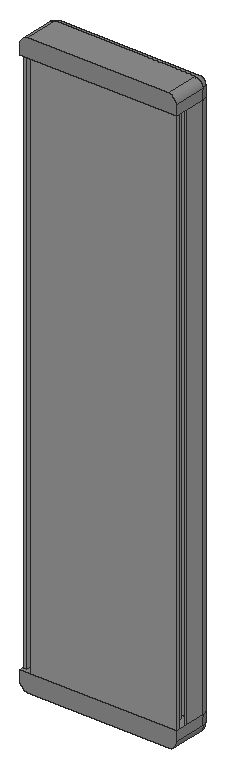
Revit family "JC-KONTAKTER-JCK207-300-400-600-800-Armbagskontakt", category Specialty Equipment, host Wall, Revit 2025
Family settings
  Host = Wall
  Round Connector Dimension = Use Diameter
  Part Type = Normal
  Enable Cutting in Views = Yes
  Always vertical = Yes
  Cut with Voids When Loaded = No
  Maintain Annotation Orientation = No
  Shared = No
  Room Calculation Point = No
Parameters (values of type "Armbågskontakt JCK207 - 300 mm.")
  Length = 300 mm
  Core Finish = Aluminum ENAW 6060
  URL = "https://jckontakter.se/produkt/armbagskontakter-metall/armbagskontakt-aluminium-jck207-300-mm/"
  Tillverkarens land = "Sverige"
  Tillvalsförteckning = "https://jckontakter.se/wp-content/uploads/sites/2/Tillval_metall_2024.pdf"
  Teknisk produktblad = "https://jckontakter.se/wp-content/uploads/sites/2/Tekniskt-blad_JCK207.300-1.pdf"
  Produktvikt = "0.509 kg"
  Placering information = "https://jckontakter.se/start/nyheter-och-information/armbagskontakter-placering-riktlinjer/"
  Nominell märkström = "12 V - Resistive 6A Inductive L/R 5ms 6A, 24 V - Resistive 6A Inductive L/R 5ms 5A"
  Model = "JCK207 - 300mm 400 mm 600mm 800mm"  # constant formula
  Microbrytare = "Standard NO IP67"
  Manufacturer = "JC Kontakter"  # constant formula
  Längsta märkström = "1mA/4 V DC"
  Lid Finish = Aluminum ENAW 6060
  Keynote = ""
  End Cap Finish = POM Tenac C 4520
  Description = "JCK207 tillhör en serie armbågskontakter som har en plan tryckyta med fyra taktila rillor i. Rillorna fungerar som extra vägledning för personer med synnedsättning. Man kan enkelt känna sig till vart man ska trycka för att aktivera dörröppning. JCK207 är tillverkad i silvereloxerad aluminium och har mörkgrå endcaps. Den levereras med 1st mikrobrytare i IP67, men går även att beställa med fler."  # constant formula
  Default Elevation = 0 mm
  CE Dokument = "https://jckontakter.se/wp-content/uploads/CE_Dokument.pdf"
  Assembly Code = ""
  Antal mikrobrytare = 2
Types (4, lengths in mm): name | Length | URL | Teknisk produktblad | Produktvikt
  Armbågskontakt JCK207 - 300 mm. | 300 | "https://jckontakter.se/produkt/armbagskontakter-metall/armbagskontakt-aluminium-jck207-300-mm/" | "https://jckontakter.se/wp-content/uploads/sites/2/Tekniskt-blad_JCK207.300-1.pdf" | "0.509 kg"
  Armbågskontakt JCK207 - 400 mm. | 400 | "https://jckontakter.se/produkt/armbagskontakter-metall/armbagskontakt-aluminium-jck207-400-mm/" | "https://jckontakter.se/wp-content/uploads/sites/2/Tekniskt-blad_JCK207.400-1.pdf" | "0.678 kg"
  Armbågskontakt JCK207 - 600 mm. | 600 | "https://jckontakter.se/produkt/armbagskontakter-metall/armbagskontakt-aluminium-jck207-600-mm/" | "https://jckontakter.se/wp-content/uploads/sites/2/Tekniskt-blad_JCK207.600-1.pdf" | "1.018 kg"
  Armbågskontakt JCK207 - 800 mm. | 800 | "https://jckontakter.se/produkt/armbagskontakter-metall/armbagskontakt-aluminium-jck207-800-mm/" | "https://jckontakter.se/wp-content/uploads/sites/2/Tekniskt-blad_JCK207.800-1.pdf" | "1.443 kg"
Reference planes
  plane 1 "Wall": y = 0
  plane 2 "Center (Left/Right)": x = 125
  plane 3 "Back": y = 75
  plane 4 "A": z = 800
Lines and regions (mm)
  Masking region 1
    outline origin (0, 0, -100) x (1, 0, 0) y (0, 0, 1)
      loop
        line (175, 1145) -> (75, 1145) -> (75, 900) -> (175, 900) -> (175, 1145)
  symbolic lines
    curve 1: line (75, 125, 0) -> (175, 125, 0)
    curve 2: line (75, 75, 0) -> (75, 125, 0)
    curve 3: line (175, 75, 0) -> (75, 75, 0)
    curve 4: line (175, 125, 0) -> (175, 75, 0)
    curve 5: line (175, 0, 1100) -> (75, 0, 1100)
    curve 6: line (175, 0, 800) -> (175, 0, 1100)
    curve 7: line (75, 0, 800) -> (175, 0, 800)
    curve 8: line (75, 0, 1100) -> (75, 0, 800)
Text (mm)
  text "Placement Side" at (-1848.837, 1116.779, 0), in view "Ref. Level"
  text "Placement side" at (0, 1409.804, 2854.306), in view "Left"
  text "Placement side" at (0, 499.811, 2980.732), in view "Right"
Dimensions and locks
  locked: plane 3 "Back" to host wall
  locked: curve 3 to curve 1 at 50
  aligned and locked: plane 1 "Wall" to host wall
  aligned and locked: nested 1 to plane 4 "A"
  aligned and locked: nested 1 to plane 3 "Back"
  aligned and locked: curve 3 to plane 3 "Back"
  aligned and locked: plane 4 "A" to curve 7
  aligned and locked: curve 5 to nested 1
  aligned and locked: curve 6 to Masking region 1
  aligned and locked: curve 8 to Masking region 1
Nested families
  nested 1: "AK_207" at (125, 75, 800) x (-1, 0, 0) z (0, 0, 1), type "AK_207", detail levels medium+fine
Definition of nested family "AK_207"
  Parameters (values of type "AK_207")
    Length = 300 mm
    Core Finish = none
    URL = "https://jckontakter.se/produkt/armbagskontakter-metall/armbagskontakt-i-aluminium-jck207/"
    Model = "JCK207"  # constant formula
    Manufacturer = "JC Kontakter"  # constant formula
    Lid Finish = none
    End Cap Finish = none
    Description = "JCK207 tillhör en serie armbågskontakter som har en plan tryckyta med fyra taktila rillor i. Rillorna fungerar som extra vägledning för personer med synnedsättning. Man kan enkelt känna sig till vart man ska trycka för att aktivera dörröppning. JCK207 är tillverkad i silvereloxerad aluminium och har mörkgrå endcaps. Den levereras med 1st mikrobrytare i IP67."  # constant formula
    Default Elevation = 0 mm
    A = Length - 9 mm  # 291 mm
  Reference planes
    plane 1 "Center (Front/Back)": y = 0
    plane 2: z = 0
    plane 3 "Center (Left/Right)": x = 0
    plane 4 "1": x = 40
    plane 5 "A": z = 9
    plane 6 "B": z = 291
  Forms (mm)
    Extrusion 1, solid, material <- "Core Finish"
      sketch origin (40, 0, 9) x (1, 0, 0) y (0, 1, 0)
        loop
          line (-80, 0) -> (-80, -1.2) -> (-75, -1.2) -> (-75, -8.75) -> (-73.2, -8.75) -> (-73.2, -1.2) -> (-11.2, -1.2) -> (-11.2, -8.75) -> (-2.249, -8.75)
          arc (-2.249, -8.75) -> (-3.331, -3.54) -> (-8.11, -1.2) r 6.05
          line (-8.11, -1.2) -> (-5.54, -1.2) -> (-5.54, 0) -> (-80, 0)
      from 0 to 282
    Extrusion 2, solid, material <- "Lid Finish"
      sketch origin (-40, 0, 9) x (-1, 0, 0) y (0, -1, 0)
        loop
          line (-3.92, 11.41) -> (-0.92, 6.4) -> (0, 6.4) -> (0, 16.83)
          arc (0, 16.83) -> (-1.464, 20.366) -> (-5, 21.83) r 5
          line (-5, 21.83) -> (-8, 21.83) -> (-8, 22.83) -> (-10, 22.83) -> (-10, 21.83) -> (-14, 21.83) -> (-14, 22.83) -> (-16, 22.83) -> (-16, 21.83) -> (-20, 21.83) -> (-20, 22.83) -> (-22, 22.83) -> (-22, 21.83) -> (-26, 21.83) -> (-26, 22.83) -> (-28, 22.83) -> (-28, 21.83) -> (-75, 21.83)
          arc (-75, 21.83) -> (-78.536, 20.366) -> (-80, 16.83) r 5
          line (-80, 16.83) -> (-80, 2.38) -> (-78.4, 2.38) -> (-78.4, 11.41) -> (-3.92, 11.41)
      from 0 to 282
    Extrusion 3, solid, material <- "End Cap Finish"
      sketch origin (-40, 0, 0) x (1, 0, 0) y (0, 1, 0)
        loop
          arc (0, -16.83) -> (1.464, -20.366) -> (5, -21.83) r 5
          line (5, -21.83) -> (75, -21.83)
          arc (75, -21.83) -> (78.536, -20.366) -> (80, -16.83) r 5
          line (80, -16.83) -> (80, 0) -> (0, 0) -> (0, -16.83)
      from 0 to 9
    Sweep 4, void
      path origin (0, 0, 0) x (1, 0, 0) y (0, 1, 0)
        loop
          line (42, 0) -> (42, -16.83)
          arc (42, -16.83) -> (39.95, -21.78) -> (35, -23.83) r 7
          line (35, -23.83) -> (-35, -23.83)
          arc (-35, -23.83) -> (-39.95, -21.78) -> (-42, -16.83) r 7
          line (-42, -16.83) -> (-42, 0)
      profile origin (0, -23.83, 0) x (0, -1, 0) y (0, 0, 1)
        loop
          line (-1, 4) -> (-2, 4)
          arc (-2, 4) -> (-3.172, 1.172) -> (-6, 0) r 4
          line (-6, 0) -> (-6, -1) -> (-1, -1) -> (-1, 4)
    Extrusion 5, solid, material <- "End Cap Finish"
      sketch origin (0, 0, 291) x (-1, 0, 0) y (0, -1, 0)
        loop
          arc (40, 16.83) -> (38.536, 20.366) -> (35, 21.83) r 5
          line (35, 21.83) -> (-35, 21.83)
          arc (-35, 21.83) -> (-38.536, 20.366) -> (-40, 16.83) r 5
          line (-40, 16.83) -> (-40, 0) -> (40, 0) -> (40, 16.83)
      from 0 to 9
    Sweep 6, void
      path origin (0, 0, 291) x (-1, 0, 0) y (0, -1, 0)
        loop
          line (-42, 0) -> (-42, 16.83)
          arc (-42, 16.83) -> (-39.95, 21.78) -> (-35, 23.83) r 7
          line (-35, 23.83) -> (35, 23.83)
          arc (35, 23.83) -> (39.95, 21.78) -> (42, 16.83) r 7
          line (42, 16.83) -> (42, 0)
      profile origin (0, -23.83, 291) x (0, -1, 0) y (0, 0, 1)
        loop
          line (-1, 5) -> (-1, 10) -> (-6, 10) -> (-6, 9)
          arc (-6, 9) -> (-3.172, 7.828) -> (-2, 5) r 4
          line (-2, 5) -> (-1, 5)
    Extrusion 7, void
      sketch origin (0, 0, 0) x (1, 0, 0) y (0, 1, 0)
        loop
          circle (-31.75, -8.25) r 3.75
        loop
          circle (31.75, -8.25) r 3.75
      from 0 to 4
  Cuts and joins
    Sweep 4, Sweep 6, Extrusion 7 cuts Extrusion 3
    Sweep 6 cuts Extrusion 5
  Dimensions and locks
    "A": plane 6 "B" to plane 2
    aligned and locked: level to plane 2
    aligned and locked: plane 6 "B" to Extrusion 2
    aligned and locked: plane 6 "B" to Extrusion 1
  Automatic sketch dimensions
    plane 1 "Center (Front/Back)" to Extrusion 1 sketch curve = 0 mm
    Extrusion 1 sketch curve to plane 3 "Center (Left/Right)" = 40 mm
    plane 1 "Center (Front/Back)" to Extrusion 1 sketch curve = 1.2 mm  (x3)
    Extrusion 1 sketch curve to Extrusion 1 sketch curve = 5 mm
    Extrusion 1 sketch curve to Extrusion 1 sketch curve = 1.8 mm
    Extrusion 1 sketch curve to plane 4 "1" = 11.2 mm
    Extrusion 1 sketch curve to Extrusion 1 sketch curve = 3.09 mm
    Extrusion 1 sketch curve to Extrusion 1 sketch curve = 2.57 mm
    Extrusion 1 sketch curve to plane 4 "1" = 2.249 mm
    Extrusion 1 sketch curve to Extrusion 1 sketch curve = 6.05 mm
    Extrusion 1 sketch curve to Extrusion 1 sketch curve = 7.55 mm
    Extrusion 1 sketch curve to Extrusion 1 sketch curve = 1.5 mm
    Extrusion 1 sketch curve to Extrusion 1 sketch curve = 0 mm
    Extrusion 2 sketch curve to plane 4 "1" = 0 mm
    Extrusion 2 sketch curve to plane 4 "1" = 1.6 mm
    Extrusion 2 sketch curve to Extrusion 2 sketch curve = 5 mm
    Extrusion 2 sketch curve to plane 3 "Center (Left/Right)" = 12 mm
    Extrusion 2 sketch curve to Extrusion 2 sketch curve = 2 mm  (x4)
    Extrusion 2 sketch curve to Extrusion 2 sketch curve = 4 mm  (x3)
    Extrusion 2 sketch curve to Extrusion 2 sketch curve = 3 mm  (x2)
    plane 1 "Center (Front/Back)" to Extrusion 2 sketch curve = 11.41 mm
    Extrusion 2 sketch curve to Extrusion 2 sketch curve = 1.08 mm
    plane 1 "Center (Front/Back)" to Extrusion 2 sketch curve = 6.4 mm
    Extrusion 2 sketch curve to Extrusion 2 sketch curve = 0.92 mm
    plane 1 "Center (Front/Back)" to Extrusion 2 sketch curve = 2.38 mm
    Extrusion 2 sketch curve to Extrusion 2 sketch curve = 5.42 mm  (x2)
    Extrusion 2 sketch curve to Extrusion 2 sketch curve = 0 mm  (x3)
    Extrusion 2 sketch curve to Extrusion 2 sketch curve = 1 mm  (x4)
    plane 1 "Center (Front/Back)" to Extrusion 3 sketch curve = 0 mm
    Extrusion 3 sketch curve to plane 4 "1" = 0 mm
    Extrusion 3 sketch curve to Extrusion 3 sketch curve = 5 mm  (x2)
    plane 1 "Center (Front/Back)" to Extrusion 3 sketch curve = 16.83 mm
    Extrusion 3 sketch curve to plane 3 "Center (Left/Right)" = 35 mm
    plane 1 "Center (Front/Back)" to Sweep 4 sketch curve = 0 mm  (x2)
    plane 1 "Center (Front/Back)" to Sweep 4 sketch curve = 16.83 mm
    Sweep 4 sketch curve to plane 3 "Center (Left/Right)" = 42 mm
    Sweep 4 sketch curve to Sweep 4 sketch curve = 7 mm
    Sweep 4 sketch curve to plane 4 "1" = 5 mm
    plane 4 "1" to Sweep 4 sketch curve = 2 mm
    Sweep 4 sketch curve to level = 0 mm
    Sweep 4 sketch curve to level = 1 mm
    profile plane to Sweep 4 sketch curve = 6 mm
    profile plane to Sweep 4 sketch curve = 2 mm
    Sweep 4 sketch curve to Sweep 4 sketch curve = 1 mm
    plane 1 "Center (Front/Back)" to Extrusion 5 sketch curve = 0 mm
    Extrusion 5 sketch curve to plane 4 "1" = 0 mm
    Extrusion 5 sketch curve to plane 4 "1" = 5 mm
    plane 1 "Center (Front/Back)" to Extrusion 5 sketch curve = 21.83 mm
    Extrusion 5 sketch curve to plane 3 "Center (Left/Right)" = 35 mm
    Extrusion 5 sketch curve to Extrusion 5 sketch curve = 5 mm
    plane 1 "Center (Front/Back)" to Sweep 6 sketch curve = 0 mm  (x2)
    plane 4 "1" to Sweep 6 sketch curve = 2 mm
    Sweep 6 sketch curve to plane 4 "1" = 5 mm
    Sweep 6 sketch curve to plane 3 "Center (Left/Right)" = 35 mm
    Sweep 6 sketch curve to Sweep 6 sketch curve = 7 mm
    plane 1 "Center (Front/Back)" to Sweep 6 sketch curve = 16.83 mm
    profile plane to Sweep 6 sketch curve = 6 mm
    profile plane to Sweep 6 sketch curve = 2 mm
    Sweep 6 sketch curve to Sweep 6 sketch curve = 1 mm
    plane 6 "B" to Sweep 6 sketch curve = 5 mm
    Sweep 6 sketch curve to Sweep 6 sketch curve = 5 mm
    plane 1 "Center (Front/Back)" to Extrusion 7 sketch curve = 8.25 mm  (x2)
    Extrusion 7 sketch curve to plane 3 "Center (Left/Right)" = 31.75 mm
    Extrusion 7 sketch curve to plane 4 "1" = 8.25 mm
    radius of Extrusion 7 sketch curve = 3.75 mm  (x2)
